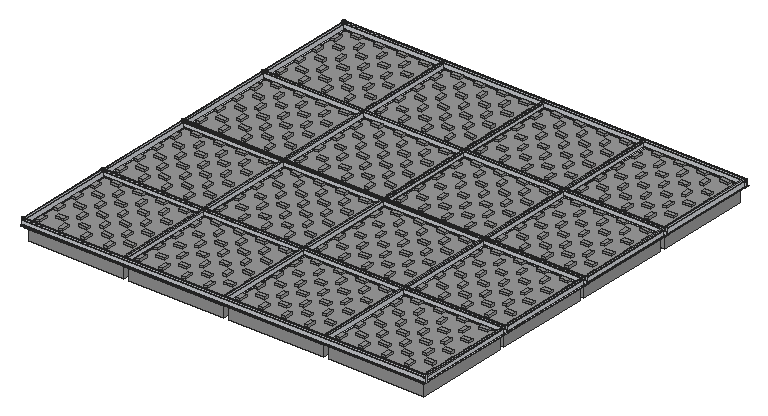
Revit family "GRD-FPG-011_RFA", category Modelos genéricos, Revit 2022 (continued)
Forms (in)
  Extrusion 234, solid, not visible
    sketch origin (0, 24, 0) x (0, 1, 0) y (0, 0, 1)
      loop
        arc (0.33294, 1.7291) -> (0.34005, 1.71194) -> (0.35722, 1.70483) r 0.02428
        line (0.35722, 1.70483) -> (0.39815, 1.70483)
        arc (0.39815, 1.70483) -> (0.42797, 1.69248) -> (0.44023, 1.66266) r 0.04217
        arc (0.44023, 1.66266) -> (0.45258, 1.69248) -> (0.4824, 1.70483) r 0.04217
        line (0.4824, 1.70483) -> (0.52333, 1.70483)
        arc (0.52333, 1.70483) -> (0.54049, 1.71194) -> (0.54761, 1.7291) r 0.02428
        line (0.54761, 1.7291) -> (0.54761, 2.15016) -> (0.45704, 2.24072)
        arc (0.45704, 2.24072) -> (0.44027, 2.24767) -> (0.42351, 2.24072) r 0.02371
        line (0.42351, 2.24072) -> (0.33294, 2.15016) -> (0.33294, 1.7291)
    from 0 to 96.9361
  Extrusion 235, solid, not visible
    sketch origin (0, 48, 0) x (0, 1, 0) y (0, 0, 1)
      loop
        line (0.42221, 1.66259) -> (0.42231, 0.67354)
        arc (0.42231, 0.67354) -> (0.41009, 0.64403) -> (0.38057, 0.6318) r 0.04174
        line (0.38057, 0.6318) -> (-0.00639, 0.6318) -> (-0.00639, 0.59057) -> (0.8874, 0.59057) -> (0.8874, 0.6318) -> (0.49998, 0.6318)
        arc (0.49998, 0.6318) -> (0.47046, 0.64403) -> (0.45824, 0.67354) r 0.04174
        line (0.45824, 0.67354) -> (0.45834, 1.66259)
        arc (0.45834, 1.66259) -> (0.46543, 1.67969) -> (0.48252, 1.68677) r 0.02418
        line (0.48252, 1.68677) -> (0.52252, 1.68677)
        arc (0.52252, 1.68677) -> (0.55303, 1.69941) -> (0.56566, 1.72991) r 0.04314
        line (0.56566, 1.72991) -> (0.56566, 2.14095)
        arc (0.56566, 2.14095) -> (0.5626, 2.15637) -> (0.55386, 2.16944) r 0.04029
        line (0.55386, 2.16944) -> (0.47053, 2.25277)
        arc (0.47053, 2.25277) -> (0.44027, 2.2653) -> (0.41002, 2.25277) r 0.04279
        line (0.41002, 2.25277) -> (0.32669, 2.16944)
        arc (0.32669, 2.16944) -> (0.31795, 2.15637) -> (0.31489, 2.14095) r 0.04029
        line (0.31489, 2.14095) -> (0.31489, 1.72991)
        arc (0.31489, 1.72991) -> (0.32752, 1.69941) -> (0.35803, 1.68677) r 0.04314
        line (0.35803, 1.68677) -> (0.39803, 1.68677)
        arc (0.39803, 1.68677) -> (0.41512, 1.67969) -> (0.42221, 1.66259) r 0.02418
      loop
        arc (0.33294, 1.7291) -> (0.34005, 1.71194) -> (0.35722, 1.70483) r 0.02428
        line (0.35722, 1.70483) -> (0.39815, 1.70483)
        arc (0.39815, 1.70483) -> (0.42797, 1.69248) -> (0.44023, 1.66266) r 0.04217
        arc (0.44023, 1.66266) -> (0.45258, 1.69248) -> (0.4824, 1.70483) r 0.04217
        line (0.4824, 1.70483) -> (0.52333, 1.70483)
        arc (0.52333, 1.70483) -> (0.54049, 1.71194) -> (0.54761, 1.7291) r 0.02428
        line (0.54761, 1.7291) -> (0.54761, 2.15016) -> (0.45704, 2.24072)
        arc (0.45704, 2.24072) -> (0.44027, 2.24767) -> (0.42351, 2.24072) r 0.02371
        line (0.42351, 2.24072) -> (0.33294, 2.15016) -> (0.33294, 1.7291)
    from 0 to 96.9361
  Extrusion 236, solid, not visible
    sketch origin (0, 72, 0) x (0, 1, 0) y (0, 0, 1)
      loop
        line (0.42221, 1.66259) -> (0.42231, 0.67354)
        arc (0.42231, 0.67354) -> (0.41009, 0.64403) -> (0.38057, 0.6318) r 0.04174
        line (0.38057, 0.6318) -> (-0.00639, 0.6318) -> (-0.00639, 0.59057) -> (0.8874, 0.59057) -> (0.8874, 0.6318) -> (0.49998, 0.6318)
        arc (0.49998, 0.6318) -> (0.47046, 0.64403) -> (0.45824, 0.67354) r 0.04174
        line (0.45824, 0.67354) -> (0.45834, 1.66259)
        arc (0.45834, 1.66259) -> (0.46543, 1.67969) -> (0.48252, 1.68677) r 0.02418
        line (0.48252, 1.68677) -> (0.52252, 1.68677)
        arc (0.52252, 1.68677) -> (0.55303, 1.69941) -> (0.56566, 1.72991) r 0.04314
        line (0.56566, 1.72991) -> (0.56566, 2.14095)
        arc (0.56566, 2.14095) -> (0.5626, 2.15637) -> (0.55386, 2.16944) r 0.04029
        line (0.55386, 2.16944) -> (0.47053, 2.25277)
        arc (0.47053, 2.25277) -> (0.44027, 2.2653) -> (0.41002, 2.25277) r 0.04279
        line (0.41002, 2.25277) -> (0.32669, 2.16944)
        arc (0.32669, 2.16944) -> (0.31795, 2.15637) -> (0.31489, 2.14095) r 0.04029
        line (0.31489, 2.14095) -> (0.31489, 1.72991)
        arc (0.31489, 1.72991) -> (0.32752, 1.69941) -> (0.35803, 1.68677) r 0.04314
        line (0.35803, 1.68677) -> (0.39803, 1.68677)
        arc (0.39803, 1.68677) -> (0.41512, 1.67969) -> (0.42221, 1.66259) r 0.02418
      loop
        arc (0.33294, 1.7291) -> (0.34005, 1.71194) -> (0.35722, 1.70483) r 0.02428
        line (0.35722, 1.70483) -> (0.39815, 1.70483)
        arc (0.39815, 1.70483) -> (0.42797, 1.69248) -> (0.44023, 1.66266) r 0.04217
        arc (0.44023, 1.66266) -> (0.45258, 1.69248) -> (0.4824, 1.70483) r 0.04217
        line (0.4824, 1.70483) -> (0.52333, 1.70483)
        arc (0.52333, 1.70483) -> (0.54049, 1.71194) -> (0.54761, 1.7291) r 0.02428
        line (0.54761, 1.7291) -> (0.54761, 2.15016) -> (0.45704, 2.24072)
        arc (0.45704, 2.24072) -> (0.44027, 2.24767) -> (0.42351, 2.24072) r 0.02371
        line (0.42351, 2.24072) -> (0.33294, 2.15016) -> (0.33294, 1.7291)
    from 0 to 96.9361
  Extrusion 237, solid, not visible
    sketch origin (0, 96, 0) x (0, 1, 0) y (0, 0, 1)
      loop
        line (0.42221, 1.66259) -> (0.42231, 0.67354)
        arc (0.42231, 0.67354) -> (0.41009, 0.64403) -> (0.38057, 0.6318) r 0.04174
        line (0.38057, 0.6318) -> (-0.00639, 0.6318) -> (-0.00639, 0.59057) -> (0.8874, 0.59057) -> (0.8874, 0.6318) -> (0.49998, 0.6318)
        arc (0.49998, 0.6318) -> (0.47046, 0.64403) -> (0.45824, 0.67354) r 0.04174
        line (0.45824, 0.67354) -> (0.45834, 1.66259)
        arc (0.45834, 1.66259) -> (0.46543, 1.67969) -> (0.48252, 1.68677) r 0.02418
        line (0.48252, 1.68677) -> (0.52252, 1.68677)
        arc (0.52252, 1.68677) -> (0.55303, 1.69941) -> (0.56566, 1.72991) r 0.04314
        line (0.56566, 1.72991) -> (0.56566, 2.14095)
        arc (0.56566, 2.14095) -> (0.5626, 2.15637) -> (0.55386, 2.16944) r 0.04029
        line (0.55386, 2.16944) -> (0.47053, 2.25277)
        arc (0.47053, 2.25277) -> (0.44027, 2.2653) -> (0.41002, 2.25277) r 0.04279
        line (0.41002, 2.25277) -> (0.32669, 2.16944)
        arc (0.32669, 2.16944) -> (0.31795, 2.15637) -> (0.31489, 2.14095) r 0.04029
        line (0.31489, 2.14095) -> (0.31489, 1.72991)
        arc (0.31489, 1.72991) -> (0.32752, 1.69941) -> (0.35803, 1.68677) r 0.04314
        line (0.35803, 1.68677) -> (0.39803, 1.68677)
        arc (0.39803, 1.68677) -> (0.41512, 1.67969) -> (0.42221, 1.66259) r 0.02418
      loop
        arc (0.33294, 1.7291) -> (0.34005, 1.71194) -> (0.35722, 1.70483) r 0.02428
        line (0.35722, 1.70483) -> (0.39815, 1.70483)
        arc (0.39815, 1.70483) -> (0.42797, 1.69248) -> (0.44023, 1.66266) r 0.04217
        arc (0.44023, 1.66266) -> (0.45258, 1.69248) -> (0.4824, 1.70483) r 0.04217
        line (0.4824, 1.70483) -> (0.52333, 1.70483)
        arc (0.52333, 1.70483) -> (0.54049, 1.71194) -> (0.54761, 1.7291) r 0.02428
        line (0.54761, 1.7291) -> (0.54761, 2.15016) -> (0.45704, 2.24072)
        arc (0.45704, 2.24072) -> (0.44027, 2.24767) -> (0.42351, 2.24072) r 0.02371
        line (0.42351, 2.24072) -> (0.33294, 2.15016) -> (0.33294, 1.7291)
    from 0 to 96.9361
  Extrusion 238, solid, not visible
    sketch origin (48.02754, 154.90856, 0) x (1, 0, 0) y (0, 0, 1)
      loop
        line (0.42221, 1.66259) -> (0.42231, 0.67354)
        arc (0.42231, 0.67354) -> (0.41009, 0.64403) -> (0.38057, 0.6318) r 0.04174
        line (0.38057, 0.6318) -> (-0.00639, 0.6318) -> (-0.00639, 0.59057) -> (0.8874, 0.59057) -> (0.8874, 0.6318) -> (0.49998, 0.6318)
        arc (0.49998, 0.6318) -> (0.47046, 0.64403) -> (0.45824, 0.67354) r 0.04174
        line (0.45824, 0.67354) -> (0.45834, 1.66259)
        arc (0.45834, 1.66259) -> (0.46543, 1.67969) -> (0.48252, 1.68677) r 0.02418
        line (0.48252, 1.68677) -> (0.52252, 1.68677)
        arc (0.52252, 1.68677) -> (0.55303, 1.69941) -> (0.56566, 1.72991) r 0.04314
        line (0.56566, 1.72991) -> (0.56566, 2.14095)
        arc (0.56566, 2.14095) -> (0.5626, 2.15637) -> (0.55386, 2.16944) r 0.04029
        line (0.55386, 2.16944) -> (0.47053, 2.25277)
        arc (0.47053, 2.25277) -> (0.44027, 2.2653) -> (0.41002, 2.25277) r 0.04279
        line (0.41002, 2.25277) -> (0.32669, 2.16944)
        arc (0.32669, 2.16944) -> (0.31795, 2.15637) -> (0.31489, 2.14095) r 0.04029
        line (0.31489, 2.14095) -> (0.31489, 1.72991)
        arc (0.31489, 1.72991) -> (0.32752, 1.69941) -> (0.35803, 1.68677) r 0.04314
        line (0.35803, 1.68677) -> (0.39803, 1.68677)
        arc (0.39803, 1.68677) -> (0.41512, 1.67969) -> (0.42221, 1.66259) r 0.02418
      loop
        arc (0.33294, 1.7291) -> (0.34005, 1.71194) -> (0.35722, 1.70483) r 0.02428
        line (0.35722, 1.70483) -> (0.39815, 1.70483)
        arc (0.39815, 1.70483) -> (0.42797, 1.69248) -> (0.44023, 1.66266) r 0.04217
        arc (0.44023, 1.66266) -> (0.45258, 1.69248) -> (0.4824, 1.70483) r 0.04217
        line (0.4824, 1.70483) -> (0.52333, 1.70483)
        arc (0.52333, 1.70483) -> (0.54049, 1.71194) -> (0.54761, 1.7291) r 0.02428
        line (0.54761, 1.7291) -> (0.54761, 2.15016) -> (0.45704, 2.24072)
        arc (0.45704, 2.24072) -> (0.44027, 2.24767) -> (0.42351, 2.24072) r 0.02371
        line (0.42351, 2.24072) -> (0.33294, 2.15016) -> (0.33294, 1.7291)
    from 58.93614 to 81.99864
  Extrusion 239, solid, not visible
    sketch origin (72.02767, 154.90856, 0) x (1, 0, 0) y (0, 0, 1)
      loop
        line (0.42221, 1.66259) -> (0.42231, 0.67354)
        arc (0.42231, 0.67354) -> (0.41009, 0.64403) -> (0.38057, 0.6318) r 0.04174
        line (0.38057, 0.6318) -> (-0.00639, 0.6318) -> (-0.00639, 0.59057) -> (0.8874, 0.59057) -> (0.8874, 0.6318) -> (0.49998, 0.6318)
        arc (0.49998, 0.6318) -> (0.47046, 0.64403) -> (0.45824, 0.67354) r 0.04174
        line (0.45824, 0.67354) -> (0.45834, 1.66259)
        arc (0.45834, 1.66259) -> (0.46543, 1.67969) -> (0.48252, 1.68677) r 0.02418
        line (0.48252, 1.68677) -> (0.52252, 1.68677)
        arc (0.52252, 1.68677) -> (0.55303, 1.69941) -> (0.56566, 1.72991) r 0.04314
        line (0.56566, 1.72991) -> (0.56566, 2.14095)
        arc (0.56566, 2.14095) -> (0.5626, 2.15637) -> (0.55386, 2.16944) r 0.04029
        line (0.55386, 2.16944) -> (0.47053, 2.25277)
        arc (0.47053, 2.25277) -> (0.44027, 2.2653) -> (0.41002, 2.25277) r 0.04279
        line (0.41002, 2.25277) -> (0.32669, 2.16944)
        arc (0.32669, 2.16944) -> (0.31795, 2.15637) -> (0.31489, 2.14095) r 0.04029
        line (0.31489, 2.14095) -> (0.31489, 1.72991)
        arc (0.31489, 1.72991) -> (0.32752, 1.69941) -> (0.35803, 1.68677) r 0.04314
        line (0.35803, 1.68677) -> (0.39803, 1.68677)
        arc (0.39803, 1.68677) -> (0.41512, 1.67969) -> (0.42221, 1.66259) r 0.02418
      loop
        arc (0.33294, 1.7291) -> (0.34005, 1.71194) -> (0.35722, 1.70483) r 0.02428
        line (0.35722, 1.70483) -> (0.39815, 1.70483)
        arc (0.39815, 1.70483) -> (0.42797, 1.69248) -> (0.44023, 1.66266) r 0.04217
        arc (0.44023, 1.66266) -> (0.45258, 1.69248) -> (0.4824, 1.70483) r 0.04217
        line (0.4824, 1.70483) -> (0.52333, 1.70483)
        arc (0.52333, 1.70483) -> (0.54049, 1.71194) -> (0.54761, 1.7291) r 0.02428
        line (0.54761, 1.7291) -> (0.54761, 2.15016) -> (0.45704, 2.24072)
        arc (0.45704, 2.24072) -> (0.44027, 2.24767) -> (0.42351, 2.24072) r 0.02371
        line (0.42351, 2.24072) -> (0.33294, 2.15016) -> (0.33294, 1.7291)
    from 58.93614 to 81.99864
  Extrusion 240, solid, not visible
    sketch origin (96.02767, 154.90856, 0) x (1, 0, 0) y (0, 0, 1)
      loop
        line (0.42221, 1.66259) -> (0.42231, 0.67354)
        arc (0.42231, 0.67354) -> (0.41009, 0.64403) -> (0.38057, 0.6318) r 0.04174
        line (0.38057, 0.6318) -> (-0.00639, 0.6318) -> (-0.00639, 0.59057) -> (0.8874, 0.59057) -> (0.8874, 0.6318) -> (0.49998, 0.6318)
        arc (0.49998, 0.6318) -> (0.47046, 0.64403) -> (0.45824, 0.67354) r 0.04174
        line (0.45824, 0.67354) -> (0.45834, 1.66259)
        arc (0.45834, 1.66259) -> (0.46543, 1.67969) -> (0.48252, 1.68677) r 0.02418
        line (0.48252, 1.68677) -> (0.52252, 1.68677)
        arc (0.52252, 1.68677) -> (0.55303, 1.69941) -> (0.56566, 1.72991) r 0.04314
        line (0.56566, 1.72991) -> (0.56566, 2.14095)
        arc (0.56566, 2.14095) -> (0.5626, 2.15637) -> (0.55386, 2.16944) r 0.04029
        line (0.55386, 2.16944) -> (0.47053, 2.25277)
        arc (0.47053, 2.25277) -> (0.44027, 2.2653) -> (0.41002, 2.25277) r 0.04279
        line (0.41002, 2.25277) -> (0.32669, 2.16944)
        arc (0.32669, 2.16944) -> (0.31795, 2.15637) -> (0.31489, 2.14095) r 0.04029
        line (0.31489, 2.14095) -> (0.31489, 1.72991)
        arc (0.31489, 1.72991) -> (0.32752, 1.69941) -> (0.35803, 1.68677) r 0.04314
        line (0.35803, 1.68677) -> (0.39803, 1.68677)
        arc (0.39803, 1.68677) -> (0.41512, 1.67969) -> (0.42221, 1.66259) r 0.02418
      loop
        arc (0.33294, 1.7291) -> (0.34005, 1.71194) -> (0.35722, 1.70483) r 0.02428
        line (0.35722, 1.70483) -> (0.39815, 1.70483)
        arc (0.39815, 1.70483) -> (0.42797, 1.69248) -> (0.44023, 1.66266) r 0.04217
        arc (0.44023, 1.66266) -> (0.45258, 1.69248) -> (0.4824, 1.70483) r 0.04217
        line (0.4824, 1.70483) -> (0.52333, 1.70483)
        arc (0.52333, 1.70483) -> (0.54049, 1.71194) -> (0.54761, 1.7291) r 0.02428
        line (0.54761, 1.7291) -> (0.54761, 2.15016) -> (0.45704, 2.24072)
        arc (0.45704, 2.24072) -> (0.44027, 2.24767) -> (0.42351, 2.24072) r 0.02371
        line (0.42351, 2.24072) -> (0.33294, 2.15016) -> (0.33294, 1.7291)
    from 58.93614 to 81.99864
  Extrusion 241, solid, not visible
    sketch origin (24.02767, 154.90856, 0) x (1, 0, 0) y (0, 0, 1)
      loop
        line (0.42221, 1.66259) -> (0.42231, 0.67354)
        arc (0.42231, 0.67354) -> (0.41009, 0.64403) -> (0.38057, 0.6318) r 0.04174
        line (0.38057, 0.6318) -> (-0.00639, 0.6318) -> (-0.00639, 0.59057) -> (0.8874, 0.59057) -> (0.8874, 0.6318) -> (0.49998, 0.6318)
        arc (0.49998, 0.6318) -> (0.47046, 0.64403) -> (0.45824, 0.67354) r 0.04174
        line (0.45824, 0.67354) -> (0.45834, 1.66259)
        arc (0.45834, 1.66259) -> (0.46543, 1.67969) -> (0.48252, 1.68677) r 0.02418
        line (0.48252, 1.68677) -> (0.52252, 1.68677)
        arc (0.52252, 1.68677) -> (0.55303, 1.69941) -> (0.56566, 1.72991) r 0.04314
        line (0.56566, 1.72991) -> (0.56566, 2.14095)
        arc (0.56566, 2.14095) -> (0.5626, 2.15637) -> (0.55386, 2.16944) r 0.04029
        line (0.55386, 2.16944) -> (0.47053, 2.25277)
        arc (0.47053, 2.25277) -> (0.44027, 2.2653) -> (0.41002, 2.25277) r 0.04279
        line (0.41002, 2.25277) -> (0.32669, 2.16944)
        arc (0.32669, 2.16944) -> (0.31795, 2.15637) -> (0.31489, 2.14095) r 0.04029
        line (0.31489, 2.14095) -> (0.31489, 1.72991)
        arc (0.31489, 1.72991) -> (0.32752, 1.69941) -> (0.35803, 1.68677) r 0.04314
        line (0.35803, 1.68677) -> (0.39803, 1.68677)
        arc (0.39803, 1.68677) -> (0.41512, 1.67969) -> (0.42221, 1.66259) r 0.02418
      loop
        arc (0.33294, 1.7291) -> (0.34005, 1.71194) -> (0.35722, 1.70483) r 0.02428
        line (0.35722, 1.70483) -> (0.39815, 1.70483)
        arc (0.39815, 1.70483) -> (0.42797, 1.69248) -> (0.44023, 1.66266) r 0.04217
        arc (0.44023, 1.66266) -> (0.45258, 1.69248) -> (0.4824, 1.70483) r 0.04217
        line (0.4824, 1.70483) -> (0.52333, 1.70483)
        arc (0.52333, 1.70483) -> (0.54049, 1.71194) -> (0.54761, 1.7291) r 0.02428
        line (0.54761, 1.7291) -> (0.54761, 2.15016) -> (0.45704, 2.24072)
        arc (0.45704, 2.24072) -> (0.44027, 2.24767) -> (0.42351, 2.24072) r 0.02371
        line (0.42351, 2.24072) -> (0.33294, 2.15016) -> (0.33294, 1.7291)
    from 58.93614 to 81.99864
  Extrusion 242, solid, not visible
    sketch origin (0.02767, 154.90856, 0) x (1, 0, 0) y (0, 0, 1)
      loop
        line (0.42221, 1.66259) -> (0.42231, 0.67354)
        arc (0.42231, 0.67354) -> (0.41009, 0.64403) -> (0.38057, 0.6318) r 0.04174
        line (0.38057, 0.6318) -> (-0.00639, 0.6318) -> (-0.00639, 0.59057) -> (0.8874, 0.59057) -> (0.8874, 0.6318) -> (0.49998, 0.6318)
        arc (0.49998, 0.6318) -> (0.47046, 0.64403) -> (0.45824, 0.67354) r 0.04174
        line (0.45824, 0.67354) -> (0.45834, 1.66259)
        arc (0.45834, 1.66259) -> (0.46543, 1.67969) -> (0.48252, 1.68677) r 0.02418
        line (0.48252, 1.68677) -> (0.52252, 1.68677)
        arc (0.52252, 1.68677) -> (0.55303, 1.69941) -> (0.56566, 1.72991) r 0.04314
        line (0.56566, 1.72991) -> (0.56566, 2.14095)
        arc (0.56566, 2.14095) -> (0.5626, 2.15637) -> (0.55386, 2.16944) r 0.04029
        line (0.55386, 2.16944) -> (0.47053, 2.25277)
        arc (0.47053, 2.25277) -> (0.44027, 2.2653) -> (0.41002, 2.25277) r 0.04279
        line (0.41002, 2.25277) -> (0.32669, 2.16944)
        arc (0.32669, 2.16944) -> (0.31795, 2.15637) -> (0.31489, 2.14095) r 0.04029
        line (0.31489, 2.14095) -> (0.31489, 1.72991)
        arc (0.31489, 1.72991) -> (0.32752, 1.69941) -> (0.35803, 1.68677) r 0.04314
        line (0.35803, 1.68677) -> (0.39803, 1.68677)
        arc (0.39803, 1.68677) -> (0.41512, 1.67969) -> (0.42221, 1.66259) r 0.02418
      loop
        arc (0.33294, 1.7291) -> (0.34005, 1.71194) -> (0.35722, 1.70483) r 0.02428
        line (0.35722, 1.70483) -> (0.39815, 1.70483)
        arc (0.39815, 1.70483) -> (0.42797, 1.69248) -> (0.44023, 1.66266) r 0.04217
        arc (0.44023, 1.66266) -> (0.45258, 1.69248) -> (0.4824, 1.70483) r 0.04217
        line (0.4824, 1.70483) -> (0.52333, 1.70483)
        arc (0.52333, 1.70483) -> (0.54049, 1.71194) -> (0.54761, 1.7291) r 0.02428
        line (0.54761, 1.7291) -> (0.54761, 2.15016) -> (0.45704, 2.24072)
        arc (0.45704, 2.24072) -> (0.44027, 2.24767) -> (0.42351, 2.24072) r 0.02371
        line (0.42351, 2.24072) -> (0.33294, 2.15016) -> (0.33294, 1.7291)
    from 58.93614 to 81.99864
  Extrusion 243, solid, not visible
    sketch origin (48.02754, 130.90855, 0) x (1, 0, 0) y (0, 0, 1)
      loop
        line (0.42221, 1.66259) -> (0.42231, 0.67354)
        arc (0.42231, 0.67354) -> (0.41009, 0.64403) -> (0.38057, 0.6318) r 0.04174
        line (0.38057, 0.6318) -> (-0.00639, 0.6318) -> (-0.00639, 0.59057) -> (0.8874, 0.59057) -> (0.8874, 0.6318) -> (0.49998, 0.6318)
        arc (0.49998, 0.6318) -> (0.47046, 0.64403) -> (0.45824, 0.67354) r 0.04174
        line (0.45824, 0.67354) -> (0.45834, 1.66259)
        arc (0.45834, 1.66259) -> (0.46543, 1.67969) -> (0.48252, 1.68677) r 0.02418
        line (0.48252, 1.68677) -> (0.52252, 1.68677)
        arc (0.52252, 1.68677) -> (0.55303, 1.69941) -> (0.56566, 1.72991) r 0.04314
        line (0.56566, 1.72991) -> (0.56566, 2.14095)
        arc (0.56566, 2.14095) -> (0.5626, 2.15637) -> (0.55386, 2.16944) r 0.04029
        line (0.55386, 2.16944) -> (0.47053, 2.25277)
        arc (0.47053, 2.25277) -> (0.44027, 2.2653) -> (0.41002, 2.25277) r 0.04279
        line (0.41002, 2.25277) -> (0.32669, 2.16944)
        arc (0.32669, 2.16944) -> (0.31795, 2.15637) -> (0.31489, 2.14095) r 0.04029
        line (0.31489, 2.14095) -> (0.31489, 1.72991)
        arc (0.31489, 1.72991) -> (0.32752, 1.69941) -> (0.35803, 1.68677) r 0.04314
        line (0.35803, 1.68677) -> (0.39803, 1.68677)
        arc (0.39803, 1.68677) -> (0.41512, 1.67969) -> (0.42221, 1.66259) r 0.02418
      loop
        arc (0.33294, 1.7291) -> (0.34005, 1.71194) -> (0.35722, 1.70483) r 0.02428
        line (0.35722, 1.70483) -> (0.39815, 1.70483)
        arc (0.39815, 1.70483) -> (0.42797, 1.69248) -> (0.44023, 1.66266) r 0.04217
        arc (0.44023, 1.66266) -> (0.45258, 1.69248) -> (0.4824, 1.70483) r 0.04217
        line (0.4824, 1.70483) -> (0.52333, 1.70483)
        arc (0.52333, 1.70483) -> (0.54049, 1.71194) -> (0.54761, 1.7291) r 0.02428
        line (0.54761, 1.7291) -> (0.54761, 2.15016) -> (0.45704, 2.24072)
        arc (0.45704, 2.24072) -> (0.44027, 2.24767) -> (0.42351, 2.24072) r 0.02371
        line (0.42351, 2.24072) -> (0.33294, 2.15016) -> (0.33294, 1.7291)
    from 58.93614 to 81.99864
  Extrusion 244, solid, not visible
    sketch origin (72.02767, 130.90855, 0) x (1, 0, 0) y (0, 0, 1)
      loop
        line (0.42221, 1.66259) -> (0.42231, 0.67354)
        arc (0.42231, 0.67354) -> (0.41009, 0.64403) -> (0.38057, 0.6318) r 0.04174
        line (0.38057, 0.6318) -> (-0.00639, 0.6318) -> (-0.00639, 0.59057) -> (0.8874, 0.59057) -> (0.8874, 0.6318) -> (0.49998, 0.6318)
        arc (0.49998, 0.6318) -> (0.47046, 0.64403) -> (0.45824, 0.67354) r 0.04174
        line (0.45824, 0.67354) -> (0.45834, 1.66259)
        arc (0.45834, 1.66259) -> (0.46543, 1.67969) -> (0.48252, 1.68677) r 0.02418
        line (0.48252, 1.68677) -> (0.52252, 1.68677)
        arc (0.52252, 1.68677) -> (0.55303, 1.69941) -> (0.56566, 1.72991) r 0.04314
        line (0.56566, 1.72991) -> (0.56566, 2.14095)
        arc (0.56566, 2.14095) -> (0.5626, 2.15637) -> (0.55386, 2.16944) r 0.04029
        line (0.55386, 2.16944) -> (0.47053, 2.25277)
        arc (0.47053, 2.25277) -> (0.44027, 2.2653) -> (0.41002, 2.25277) r 0.04279
        line (0.41002, 2.25277) -> (0.32669, 2.16944)
        arc (0.32669, 2.16944) -> (0.31795, 2.15637) -> (0.31489, 2.14095) r 0.04029
        line (0.31489, 2.14095) -> (0.31489, 1.72991)
        arc (0.31489, 1.72991) -> (0.32752, 1.69941) -> (0.35803, 1.68677) r 0.04314
        line (0.35803, 1.68677) -> (0.39803, 1.68677)
        arc (0.39803, 1.68677) -> (0.41512, 1.67969) -> (0.42221, 1.66259) r 0.02418
      loop
        arc (0.33294, 1.7291) -> (0.34005, 1.71194) -> (0.35722, 1.70483) r 0.02428
        line (0.35722, 1.70483) -> (0.39815, 1.70483)
        arc (0.39815, 1.70483) -> (0.42797, 1.69248) -> (0.44023, 1.66266) r 0.04217
        arc (0.44023, 1.66266) -> (0.45258, 1.69248) -> (0.4824, 1.70483) r 0.04217
        line (0.4824, 1.70483) -> (0.52333, 1.70483)
        arc (0.52333, 1.70483) -> (0.54049, 1.71194) -> (0.54761, 1.7291) r 0.02428
        line (0.54761, 1.7291) -> (0.54761, 2.15016) -> (0.45704, 2.24072)
        arc (0.45704, 2.24072) -> (0.44027, 2.24767) -> (0.42351, 2.24072) r 0.02371
        line (0.42351, 2.24072) -> (0.33294, 2.15016) -> (0.33294, 1.7291)
    from 58.93614 to 81.99864
  Extrusion 245, solid, not visible
    sketch origin (96.02767, 130.90855, 0) x (1, 0, 0) y (0, 0, 1)
      loop
        line (0.42221, 1.66259) -> (0.42231, 0.67354)
        arc (0.42231, 0.67354) -> (0.41009, 0.64403) -> (0.38057, 0.6318) r 0.04174
        line (0.38057, 0.6318) -> (-0.00639, 0.6318) -> (-0.00639, 0.59057) -> (0.8874, 0.59057) -> (0.8874, 0.6318) -> (0.49998, 0.6318)
        arc (0.49998, 0.6318) -> (0.47046, 0.64403) -> (0.45824, 0.67354) r 0.04174
        line (0.45824, 0.67354) -> (0.45834, 1.66259)
        arc (0.45834, 1.66259) -> (0.46543, 1.67969) -> (0.48252, 1.68677) r 0.02418
        line (0.48252, 1.68677) -> (0.52252, 1.68677)
        arc (0.52252, 1.68677) -> (0.55303, 1.69941) -> (0.56566, 1.72991) r 0.04314
        line (0.56566, 1.72991) -> (0.56566, 2.14095)
        arc (0.56566, 2.14095) -> (0.5626, 2.15637) -> (0.55386, 2.16944) r 0.04029
        line (0.55386, 2.16944) -> (0.47053, 2.25277)
        arc (0.47053, 2.25277) -> (0.44027, 2.2653) -> (0.41002, 2.25277) r 0.04279
        line (0.41002, 2.25277) -> (0.32669, 2.16944)
        arc (0.32669, 2.16944) -> (0.31795, 2.15637) -> (0.31489, 2.14095) r 0.04029
        line (0.31489, 2.14095) -> (0.31489, 1.72991)
        arc (0.31489, 1.72991) -> (0.32752, 1.69941) -> (0.35803, 1.68677) r 0.04314
        line (0.35803, 1.68677) -> (0.39803, 1.68677)
        arc (0.39803, 1.68677) -> (0.41512, 1.67969) -> (0.42221, 1.66259) r 0.02418
      loop
        arc (0.33294, 1.7291) -> (0.34005, 1.71194) -> (0.35722, 1.70483) r 0.02428
        line (0.35722, 1.70483) -> (0.39815, 1.70483)
        arc (0.39815, 1.70483) -> (0.42797, 1.69248) -> (0.44023, 1.66266) r 0.04217
        arc (0.44023, 1.66266) -> (0.45258, 1.69248) -> (0.4824, 1.70483) r 0.04217
        line (0.4824, 1.70483) -> (0.52333, 1.70483)
        arc (0.52333, 1.70483) -> (0.54049, 1.71194) -> (0.54761, 1.7291) r 0.02428
        line (0.54761, 1.7291) -> (0.54761, 2.15016) -> (0.45704, 2.24072)
        arc (0.45704, 2.24072) -> (0.44027, 2.24767) -> (0.42351, 2.24072) r 0.02371
        line (0.42351, 2.24072) -> (0.33294, 2.15016) -> (0.33294, 1.7291)
    from 58.93614 to 81.99864
  Extrusion 246, solid, not visible
    sketch origin (24.02767, 130.90855, 0) x (1, 0, 0) y (0, 0, 1)
      loop
        line (0.42221, 1.66259) -> (0.42231, 0.67354)
        arc (0.42231, 0.67354) -> (0.41009, 0.64403) -> (0.38057, 0.6318) r 0.04174
        line (0.38057, 0.6318) -> (-0.00639, 0.6318) -> (-0.00639, 0.59057) -> (0.8874, 0.59057) -> (0.8874, 0.6318) -> (0.49998, 0.6318)
        arc (0.49998, 0.6318) -> (0.47046, 0.64403) -> (0.45824, 0.67354) r 0.04174
        line (0.45824, 0.67354) -> (0.45834, 1.66259)
        arc (0.45834, 1.66259) -> (0.46543, 1.67969) -> (0.48252, 1.68677) r 0.02418
        line (0.48252, 1.68677) -> (0.52252, 1.68677)
        arc (0.52252, 1.68677) -> (0.55303, 1.69941) -> (0.56566, 1.72991) r 0.04314
        line (0.56566, 1.72991) -> (0.56566, 2.14095)
        arc (0.56566, 2.14095) -> (0.5626, 2.15637) -> (0.55386, 2.16944) r 0.04029
        line (0.55386, 2.16944) -> (0.47053, 2.25277)
        arc (0.47053, 2.25277) -> (0.44027, 2.2653) -> (0.41002, 2.25277) r 0.04279
        line (0.41002, 2.25277) -> (0.32669, 2.16944)
        arc (0.32669, 2.16944) -> (0.31795, 2.15637) -> (0.31489, 2.14095) r 0.04029
        line (0.31489, 2.14095) -> (0.31489, 1.72991)
        arc (0.31489, 1.72991) -> (0.32752, 1.69941) -> (0.35803, 1.68677) r 0.04314
        line (0.35803, 1.68677) -> (0.39803, 1.68677)
        arc (0.39803, 1.68677) -> (0.41512, 1.67969) -> (0.42221, 1.66259) r 0.02418
      loop
        arc (0.33294, 1.7291) -> (0.34005, 1.71194) -> (0.35722, 1.70483) r 0.02428
        line (0.35722, 1.70483) -> (0.39815, 1.70483)
        arc (0.39815, 1.70483) -> (0.42797, 1.69248) -> (0.44023, 1.66266) r 0.04217
        arc (0.44023, 1.66266) -> (0.45258, 1.69248) -> (0.4824, 1.70483) r 0.04217
        line (0.4824, 1.70483) -> (0.52333, 1.70483)
        arc (0.52333, 1.70483) -> (0.54049, 1.71194) -> (0.54761, 1.7291) r 0.02428
        line (0.54761, 1.7291) -> (0.54761, 2.15016) -> (0.45704, 2.24072)
        arc (0.45704, 2.24072) -> (0.44027, 2.24767) -> (0.42351, 2.24072) r 0.02371
        line (0.42351, 2.24072) -> (0.33294, 2.15016) -> (0.33294, 1.7291)
    from 58.93614 to 81.99864
  Extrusion 247, solid, not visible
    sketch origin (0.02767, 130.90855, 0) x (1, 0, 0) y (0, 0, 1)
      loop
        line (0.42221, 1.66259) -> (0.42231, 0.67354)
        arc (0.42231, 0.67354) -> (0.41009, 0.64403) -> (0.38057, 0.6318) r 0.04174
        line (0.38057, 0.6318) -> (-0.00639, 0.6318) -> (-0.00639, 0.59057) -> (0.8874, 0.59057) -> (0.8874, 0.6318) -> (0.49998, 0.6318)
        arc (0.49998, 0.6318) -> (0.47046, 0.64403) -> (0.45824, 0.67354) r 0.04174
        line (0.45824, 0.67354) -> (0.45834, 1.66259)
        arc (0.45834, 1.66259) -> (0.46543, 1.67969) -> (0.48252, 1.68677) r 0.02418
        line (0.48252, 1.68677) -> (0.52252, 1.68677)
        arc (0.52252, 1.68677) -> (0.55303, 1.69941) -> (0.56566, 1.72991) r 0.04314
        line (0.56566, 1.72991) -> (0.56566, 2.14095)
        arc (0.56566, 2.14095) -> (0.5626, 2.15637) -> (0.55386, 2.16944) r 0.04029
        line (0.55386, 2.16944) -> (0.47053, 2.25277)
        arc (0.47053, 2.25277) -> (0.44027, 2.2653) -> (0.41002, 2.25277) r 0.04279
        line (0.41002, 2.25277) -> (0.32669, 2.16944)
        arc (0.32669, 2.16944) -> (0.31795, 2.15637) -> (0.31489, 2.14095) r 0.04029
        line (0.31489, 2.14095) -> (0.31489, 1.72991)
        arc (0.31489, 1.72991) -> (0.32752, 1.69941) -> (0.35803, 1.68677) r 0.04314
        line (0.35803, 1.68677) -> (0.39803, 1.68677)
        arc (0.39803, 1.68677) -> (0.41512, 1.67969) -> (0.42221, 1.66259) r 0.02418
      loop
        arc (0.33294, 1.7291) -> (0.34005, 1.71194) -> (0.35722, 1.70483) r 0.02428
        line (0.35722, 1.70483) -> (0.39815, 1.70483)
        arc (0.39815, 1.70483) -> (0.42797, 1.69248) -> (0.44023, 1.66266) r 0.04217
        arc (0.44023, 1.66266) -> (0.45258, 1.69248) -> (0.4824, 1.70483) r 0.04217
        line (0.4824, 1.70483) -> (0.52333, 1.70483)
        arc (0.52333, 1.70483) -> (0.54049, 1.71194) -> (0.54761, 1.7291) r 0.02428
        line (0.54761, 1.7291) -> (0.54761, 2.15016) -> (0.45704, 2.24072)
        arc (0.45704, 2.24072) -> (0.44027, 2.24767) -> (0.42351, 2.24072) r 0.02371
        line (0.42351, 2.24072) -> (0.33294, 2.15016) -> (0.33294, 1.7291)
    from 58.93614 to 81.99864
  Extrusion 248, solid, not visible
    sketch origin (48.02754, 106.90856, 0) x (1, 0, 0) y (0, 0, 1)
      loop
        line (0.42221, 1.66259) -> (0.42231, 0.67354)
        arc (0.42231, 0.67354) -> (0.41009, 0.64403) -> (0.38057, 0.6318) r 0.04174
        line (0.38057, 0.6318) -> (-0.00639, 0.6318) -> (-0.00639, 0.59057) -> (0.8874, 0.59057) -> (0.8874, 0.6318) -> (0.49998, 0.6318)
        arc (0.49998, 0.6318) -> (0.47046, 0.64403) -> (0.45824, 0.67354) r 0.04174
        line (0.45824, 0.67354) -> (0.45834, 1.66259)
        arc (0.45834, 1.66259) -> (0.46543, 1.67969) -> (0.48252, 1.68677) r 0.02418
        line (0.48252, 1.68677) -> (0.52252, 1.68677)
        arc (0.52252, 1.68677) -> (0.55303, 1.69941) -> (0.56566, 1.72991) r 0.04314
        line (0.56566, 1.72991) -> (0.56566, 2.14095)
        arc (0.56566, 2.14095) -> (0.5626, 2.15637) -> (0.55386, 2.16944) r 0.04029
        line (0.55386, 2.16944) -> (0.47053, 2.25277)
        arc (0.47053, 2.25277) -> (0.44027, 2.2653) -> (0.41002, 2.25277) r 0.04279
        line (0.41002, 2.25277) -> (0.32669, 2.16944)
        arc (0.32669, 2.16944) -> (0.31795, 2.15637) -> (0.31489, 2.14095) r 0.04029
        line (0.31489, 2.14095) -> (0.31489, 1.72991)
        arc (0.31489, 1.72991) -> (0.32752, 1.69941) -> (0.35803, 1.68677) r 0.04314
        line (0.35803, 1.68677) -> (0.39803, 1.68677)
        arc (0.39803, 1.68677) -> (0.41512, 1.67969) -> (0.42221, 1.66259) r 0.02418
      loop
        arc (0.33294, 1.7291) -> (0.34005, 1.71194) -> (0.35722, 1.70483) r 0.02428
        line (0.35722, 1.70483) -> (0.39815, 1.70483)
        arc (0.39815, 1.70483) -> (0.42797, 1.69248) -> (0.44023, 1.66266) r 0.04217
        arc (0.44023, 1.66266) -> (0.45258, 1.69248) -> (0.4824, 1.70483) r 0.04217
        line (0.4824, 1.70483) -> (0.52333, 1.70483)
        arc (0.52333, 1.70483) -> (0.54049, 1.71194) -> (0.54761, 1.7291) r 0.02428
        line (0.54761, 1.7291) -> (0.54761, 2.15016) -> (0.45704, 2.24072)
        arc (0.45704, 2.24072) -> (0.44027, 2.24767) -> (0.42351, 2.24072) r 0.02371
        line (0.42351, 2.24072) -> (0.33294, 2.15016) -> (0.33294, 1.7291)
    from 58.93614 to 81.99864
  Extrusion 249, solid, not visible
    sketch origin (72.02767, 106.90856, 0) x (1, 0, 0) y (0, 0, 1)
      loop
        line (0.42221, 1.66259) -> (0.42231, 0.67354)
        arc (0.42231, 0.67354) -> (0.41009, 0.64403) -> (0.38057, 0.6318) r 0.04174
        line (0.38057, 0.6318) -> (-0.00639, 0.6318) -> (-0.00639, 0.59057) -> (0.8874, 0.59057) -> (0.8874, 0.6318) -> (0.49998, 0.6318)
        arc (0.49998, 0.6318) -> (0.47046, 0.64403) -> (0.45824, 0.67354) r 0.04174
        line (0.45824, 0.67354) -> (0.45834, 1.66259)
        arc (0.45834, 1.66259) -> (0.46543, 1.67969) -> (0.48252, 1.68677) r 0.02418
        line (0.48252, 1.68677) -> (0.52252, 1.68677)
        arc (0.52252, 1.68677) -> (0.55303, 1.69941) -> (0.56566, 1.72991) r 0.04314
        line (0.56566, 1.72991) -> (0.56566, 2.14095)
        arc (0.56566, 2.14095) -> (0.5626, 2.15637) -> (0.55386, 2.16944) r 0.04029
        line (0.55386, 2.16944) -> (0.47053, 2.25277)
        arc (0.47053, 2.25277) -> (0.44027, 2.2653) -> (0.41002, 2.25277) r 0.04279
        line (0.41002, 2.25277) -> (0.32669, 2.16944)
        arc (0.32669, 2.16944) -> (0.31795, 2.15637) -> (0.31489, 2.14095) r 0.04029
        line (0.31489, 2.14095) -> (0.31489, 1.72991)
        arc (0.31489, 1.72991) -> (0.32752, 1.69941) -> (0.35803, 1.68677) r 0.04314
        line (0.35803, 1.68677) -> (0.39803, 1.68677)
        arc (0.39803, 1.68677) -> (0.41512, 1.67969) -> (0.42221, 1.66259) r 0.02418
      loop
        arc (0.33294, 1.7291) -> (0.34005, 1.71194) -> (0.35722, 1.70483) r 0.02428
        line (0.35722, 1.70483) -> (0.39815, 1.70483)
        arc (0.39815, 1.70483) -> (0.42797, 1.69248) -> (0.44023, 1.66266) r 0.04217
        arc (0.44023, 1.66266) -> (0.45258, 1.69248) -> (0.4824, 1.70483) r 0.04217
        line (0.4824, 1.70483) -> (0.52333, 1.70483)
        arc (0.52333, 1.70483) -> (0.54049, 1.71194) -> (0.54761, 1.7291) r 0.02428
        line (0.54761, 1.7291) -> (0.54761, 2.15016) -> (0.45704, 2.24072)
        arc (0.45704, 2.24072) -> (0.44027, 2.24767) -> (0.42351, 2.24072) r 0.02371
        line (0.42351, 2.24072) -> (0.33294, 2.15016) -> (0.33294, 1.7291)
    from 58.93614 to 81.99864
  Extrusion 250, solid, not visible
    sketch origin (96.02767, 106.90856, 0) x (1, 0, 0) y (0, 0, 1)
      loop
        line (0.42221, 1.66259) -> (0.42231, 0.67354)
        arc (0.42231, 0.67354) -> (0.41009, 0.64403) -> (0.38057, 0.6318) r 0.04174
        line (0.38057, 0.6318) -> (-0.00639, 0.6318) -> (-0.00639, 0.59057) -> (0.8874, 0.59057) -> (0.8874, 0.6318) -> (0.49998, 0.6318)
        arc (0.49998, 0.6318) -> (0.47046, 0.64403) -> (0.45824, 0.67354) r 0.04174
        line (0.45824, 0.67354) -> (0.45834, 1.66259)
        arc (0.45834, 1.66259) -> (0.46543, 1.67969) -> (0.48252, 1.68677) r 0.02418
        line (0.48252, 1.68677) -> (0.52252, 1.68677)
        arc (0.52252, 1.68677) -> (0.55303, 1.69941) -> (0.56566, 1.72991) r 0.04314
        line (0.56566, 1.72991) -> (0.56566, 2.14095)
        arc (0.56566, 2.14095) -> (0.5626, 2.15637) -> (0.55386, 2.16944) r 0.04029
        line (0.55386, 2.16944) -> (0.47053, 2.25277)
        arc (0.47053, 2.25277) -> (0.44027, 2.2653) -> (0.41002, 2.25277) r 0.04279
        line (0.41002, 2.25277) -> (0.32669, 2.16944)
        arc (0.32669, 2.16944) -> (0.31795, 2.15637) -> (0.31489, 2.14095) r 0.04029
        line (0.31489, 2.14095) -> (0.31489, 1.72991)
        arc (0.31489, 1.72991) -> (0.32752, 1.69941) -> (0.35803, 1.68677) r 0.04314
        line (0.35803, 1.68677) -> (0.39803, 1.68677)
        arc (0.39803, 1.68677) -> (0.41512, 1.67969) -> (0.42221, 1.66259) r 0.02418
      loop
        arc (0.33294, 1.7291) -> (0.34005, 1.71194) -> (0.35722, 1.70483) r 0.02428
        line (0.35722, 1.70483) -> (0.39815, 1.70483)
        arc (0.39815, 1.70483) -> (0.42797, 1.69248) -> (0.44023, 1.66266) r 0.04217
        arc (0.44023, 1.66266) -> (0.45258, 1.69248) -> (0.4824, 1.70483) r 0.04217
        line (0.4824, 1.70483) -> (0.52333, 1.70483)
        arc (0.52333, 1.70483) -> (0.54049, 1.71194) -> (0.54761, 1.7291) r 0.02428
        line (0.54761, 1.7291) -> (0.54761, 2.15016) -> (0.45704, 2.24072)
        arc (0.45704, 2.24072) -> (0.44027, 2.24767) -> (0.42351, 2.24072) r 0.02371
        line (0.42351, 2.24072) -> (0.33294, 2.15016) -> (0.33294, 1.7291)
    from 58.93614 to 81.99864
  Extrusion 251, solid, not visible
    sketch origin (24.02767, 106.90856, 0) x (1, 0, 0) y (0, 0, 1)
      loop
        line (0.42221, 1.66259) -> (0.42231, 0.67354)
        arc (0.42231, 0.67354) -> (0.41009, 0.64403) -> (0.38057, 0.6318) r 0.04174
        line (0.38057, 0.6318) -> (-0.00639, 0.6318) -> (-0.00639, 0.59057) -> (0.8874, 0.59057) -> (0.8874, 0.6318) -> (0.49998, 0.6318)
        arc (0.49998, 0.6318) -> (0.47046, 0.64403) -> (0.45824, 0.67354) r 0.04174
        line (0.45824, 0.67354) -> (0.45834, 1.66259)
        arc (0.45834, 1.66259) -> (0.46543, 1.67969) -> (0.48252, 1.68677) r 0.02418
        line (0.48252, 1.68677) -> (0.52252, 1.68677)
        arc (0.52252, 1.68677) -> (0.55303, 1.69941) -> (0.56566, 1.72991) r 0.04314
        line (0.56566, 1.72991) -> (0.56566, 2.14095)
        arc (0.56566, 2.14095) -> (0.5626, 2.15637) -> (0.55386, 2.16944) r 0.04029
        line (0.55386, 2.16944) -> (0.47053, 2.25277)
        arc (0.47053, 2.25277) -> (0.44027, 2.2653) -> (0.41002, 2.25277) r 0.04279
        line (0.41002, 2.25277) -> (0.32669, 2.16944)
        arc (0.32669, 2.16944) -> (0.31795, 2.15637) -> (0.31489, 2.14095) r 0.04029
        line (0.31489, 2.14095) -> (0.31489, 1.72991)
        arc (0.31489, 1.72991) -> (0.32752, 1.69941) -> (0.35803, 1.68677) r 0.04314
        line (0.35803, 1.68677) -> (0.39803, 1.68677)
        arc (0.39803, 1.68677) -> (0.41512, 1.67969) -> (0.42221, 1.66259) r 0.02418
      loop
        arc (0.33294, 1.7291) -> (0.34005, 1.71194) -> (0.35722, 1.70483) r 0.02428
        line (0.35722, 1.70483) -> (0.39815, 1.70483)
        arc (0.39815, 1.70483) -> (0.42797, 1.69248) -> (0.44023, 1.66266) r 0.04217
        arc (0.44023, 1.66266) -> (0.45258, 1.69248) -> (0.4824, 1.70483) r 0.04217
        line (0.4824, 1.70483) -> (0.52333, 1.70483)
        arc (0.52333, 1.70483) -> (0.54049, 1.71194) -> (0.54761, 1.7291) r 0.02428
        line (0.54761, 1.7291) -> (0.54761, 2.15016) -> (0.45704, 2.24072)
        arc (0.45704, 2.24072) -> (0.44027, 2.24767) -> (0.42351, 2.24072) r 0.02371
        line (0.42351, 2.24072) -> (0.33294, 2.15016) -> (0.33294, 1.7291)
    from 58.93614 to 81.99864
  Extrusion 252, solid, not visible
    sketch origin (0.02767, 106.90856, 0) x (1, 0, 0) y (0, 0, 1)
      loop
        line (0.42221, 1.66259) -> (0.42231, 0.67354)
        arc (0.42231, 0.67354) -> (0.41009, 0.64403) -> (0.38057, 0.6318) r 0.04174
        line (0.38057, 0.6318) -> (-0.00639, 0.6318) -> (-0.00639, 0.59057) -> (0.8874, 0.59057) -> (0.8874, 0.6318) -> (0.49998, 0.6318)
        arc (0.49998, 0.6318) -> (0.47046, 0.64403) -> (0.45824, 0.67354) r 0.04174
        line (0.45824, 0.67354) -> (0.45834, 1.66259)
        arc (0.45834, 1.66259) -> (0.46543, 1.67969) -> (0.48252, 1.68677) r 0.02418
        line (0.48252, 1.68677) -> (0.52252, 1.68677)
        arc (0.52252, 1.68677) -> (0.55303, 1.69941) -> (0.56566, 1.72991) r 0.04314
        line (0.56566, 1.72991) -> (0.56566, 2.14095)
        arc (0.56566, 2.14095) -> (0.5626, 2.15637) -> (0.55386, 2.16944) r 0.04029
        line (0.55386, 2.16944) -> (0.47053, 2.25277)
        arc (0.47053, 2.25277) -> (0.44027, 2.2653) -> (0.41002, 2.25277) r 0.04279
        line (0.41002, 2.25277) -> (0.32669, 2.16944)
        arc (0.32669, 2.16944) -> (0.31795, 2.15637) -> (0.31489, 2.14095) r 0.04029
        line (0.31489, 2.14095) -> (0.31489, 1.72991)
        arc (0.31489, 1.72991) -> (0.32752, 1.69941) -> (0.35803, 1.68677) r 0.04314
        line (0.35803, 1.68677) -> (0.39803, 1.68677)
        arc (0.39803, 1.68677) -> (0.41512, 1.67969) -> (0.42221, 1.66259) r 0.02418
      loop
        arc (0.33294, 1.7291) -> (0.34005, 1.71194) -> (0.35722, 1.70483) r 0.02428
        line (0.35722, 1.70483) -> (0.39815, 1.70483)
        arc (0.39815, 1.70483) -> (0.42797, 1.69248) -> (0.44023, 1.66266) r 0.04217
        arc (0.44023, 1.66266) -> (0.45258, 1.69248) -> (0.4824, 1.70483) r 0.04217
        line (0.4824, 1.70483) -> (0.52333, 1.70483)
        arc (0.52333, 1.70483) -> (0.54049, 1.71194) -> (0.54761, 1.7291) r 0.02428
        line (0.54761, 1.7291) -> (0.54761, 2.15016) -> (0.45704, 2.24072)
        arc (0.45704, 2.24072) -> (0.44027, 2.24767) -> (0.42351, 2.24072) r 0.02371
        line (0.42351, 2.24072) -> (0.33294, 2.15016) -> (0.33294, 1.7291)
    from 58.93614 to 81.99864
  Extrusion 253, solid, not visible
    sketch origin (48.02754, 82.90856, 0) x (1, 0, 0) y (0, 0, 1)
      loop
        line (0.42221, 1.66259) -> (0.42231, 0.67354)
        arc (0.42231, 0.67354) -> (0.41009, 0.64403) -> (0.38057, 0.6318) r 0.04174
        line (0.38057, 0.6318) -> (-0.00639, 0.6318) -> (-0.00639, 0.59057) -> (0.8874, 0.59057) -> (0.8874, 0.6318) -> (0.49998, 0.6318)
        arc (0.49998, 0.6318) -> (0.47046, 0.64403) -> (0.45824, 0.67354) r 0.04174
        line (0.45824, 0.67354) -> (0.45834, 1.66259)
        arc (0.45834, 1.66259) -> (0.46543, 1.67969) -> (0.48252, 1.68677) r 0.02418
        line (0.48252, 1.68677) -> (0.52252, 1.68677)
        arc (0.52252, 1.68677) -> (0.55303, 1.69941) -> (0.56566, 1.72991) r 0.04314
        line (0.56566, 1.72991) -> (0.56566, 2.14095)
        arc (0.56566, 2.14095) -> (0.5626, 2.15637) -> (0.55386, 2.16944) r 0.04029
        line (0.55386, 2.16944) -> (0.47053, 2.25277)
        arc (0.47053, 2.25277) -> (0.44027, 2.2653) -> (0.41002, 2.25277) r 0.04279
        line (0.41002, 2.25277) -> (0.32669, 2.16944)
        arc (0.32669, 2.16944) -> (0.31795, 2.15637) -> (0.31489, 2.14095) r 0.04029
        line (0.31489, 2.14095) -> (0.31489, 1.72991)
        arc (0.31489, 1.72991) -> (0.32752, 1.69941) -> (0.35803, 1.68677) r 0.04314
        line (0.35803, 1.68677) -> (0.39803, 1.68677)
        arc (0.39803, 1.68677) -> (0.41512, 1.67969) -> (0.42221, 1.66259) r 0.02418
      loop
        arc (0.33294, 1.7291) -> (0.34005, 1.71194) -> (0.35722, 1.70483) r 0.02428
        line (0.35722, 1.70483) -> (0.39815, 1.70483)
        arc (0.39815, 1.70483) -> (0.42797, 1.69248) -> (0.44023, 1.66266) r 0.04217
        arc (0.44023, 1.66266) -> (0.45258, 1.69248) -> (0.4824, 1.70483) r 0.04217
        line (0.4824, 1.70483) -> (0.52333, 1.70483)
        arc (0.52333, 1.70483) -> (0.54049, 1.71194) -> (0.54761, 1.7291) r 0.02428
        line (0.54761, 1.7291) -> (0.54761, 2.15016) -> (0.45704, 2.24072)
        arc (0.45704, 2.24072) -> (0.44027, 2.24767) -> (0.42351, 2.24072) r 0.02371
        line (0.42351, 2.24072) -> (0.33294, 2.15016) -> (0.33294, 1.7291)
    from 58.93614 to 81.99864
  Extrusion 254, solid, not visible
    sketch origin (72.02767, 82.90856, 0) x (1, 0, 0) y (0, 0, 1)
      loop
        line (0.42221, 1.66259) -> (0.42231, 0.67354)
        arc (0.42231, 0.67354) -> (0.41009, 0.64403) -> (0.38057, 0.6318) r 0.04174
        line (0.38057, 0.6318) -> (-0.00639, 0.6318) -> (-0.00639, 0.59057) -> (0.8874, 0.59057) -> (0.8874, 0.6318) -> (0.49998, 0.6318)
        arc (0.49998, 0.6318) -> (0.47046, 0.64403) -> (0.45824, 0.67354) r 0.04174
        line (0.45824, 0.67354) -> (0.45834, 1.66259)
        arc (0.45834, 1.66259) -> (0.46543, 1.67969) -> (0.48252, 1.68677) r 0.02418
        line (0.48252, 1.68677) -> (0.52252, 1.68677)
        arc (0.52252, 1.68677) -> (0.55303, 1.69941) -> (0.56566, 1.72991) r 0.04314
        line (0.56566, 1.72991) -> (0.56566, 2.14095)
        arc (0.56566, 2.14095) -> (0.5626, 2.15637) -> (0.55386, 2.16944) r 0.04029
        line (0.55386, 2.16944) -> (0.47053, 2.25277)
        arc (0.47053, 2.25277) -> (0.44027, 2.2653) -> (0.41002, 2.25277) r 0.04279
        line (0.41002, 2.25277) -> (0.32669, 2.16944)
        arc (0.32669, 2.16944) -> (0.31795, 2.15637) -> (0.31489, 2.14095) r 0.04029
        line (0.31489, 2.14095) -> (0.31489, 1.72991)
        arc (0.31489, 1.72991) -> (0.32752, 1.69941) -> (0.35803, 1.68677) r 0.04314
        line (0.35803, 1.68677) -> (0.39803, 1.68677)
        arc (0.39803, 1.68677) -> (0.41512, 1.67969) -> (0.42221, 1.66259) r 0.02418
      loop
        arc (0.33294, 1.7291) -> (0.34005, 1.71194) -> (0.35722, 1.70483) r 0.02428
        line (0.35722, 1.70483) -> (0.39815, 1.70483)
        arc (0.39815, 1.70483) -> (0.42797, 1.69248) -> (0.44023, 1.66266) r 0.04217
        arc (0.44023, 1.66266) -> (0.45258, 1.69248) -> (0.4824, 1.70483) r 0.04217
        line (0.4824, 1.70483) -> (0.52333, 1.70483)
        arc (0.52333, 1.70483) -> (0.54049, 1.71194) -> (0.54761, 1.7291) r 0.02428
        line (0.54761, 1.7291) -> (0.54761, 2.15016) -> (0.45704, 2.24072)
        arc (0.45704, 2.24072) -> (0.44027, 2.24767) -> (0.42351, 2.24072) r 0.02371
        line (0.42351, 2.24072) -> (0.33294, 2.15016) -> (0.33294, 1.7291)
    from 58.93614 to 81.99864
  Extrusion 255, solid, not visible
    sketch origin (96.02767, 82.90856, 0) x (1, 0, 0) y (0, 0, 1)
      loop
        line (0.42221, 1.66259) -> (0.42231, 0.67354)
        arc (0.42231, 0.67354) -> (0.41009, 0.64403) -> (0.38057, 0.6318) r 0.04174
        line (0.38057, 0.6318) -> (-0.00639, 0.6318) -> (-0.00639, 0.59057) -> (0.8874, 0.59057) -> (0.8874, 0.6318) -> (0.49998, 0.6318)
        arc (0.49998, 0.6318) -> (0.47046, 0.64403) -> (0.45824, 0.67354) r 0.04174
        line (0.45824, 0.67354) -> (0.45834, 1.66259)
        arc (0.45834, 1.66259) -> (0.46543, 1.67969) -> (0.48252, 1.68677) r 0.02418
        line (0.48252, 1.68677) -> (0.52252, 1.68677)
        arc (0.52252, 1.68677) -> (0.55303, 1.69941) -> (0.56566, 1.72991) r 0.04314
        line (0.56566, 1.72991) -> (0.56566, 2.14095)
        arc (0.56566, 2.14095) -> (0.5626, 2.15637) -> (0.55386, 2.16944) r 0.04029
        line (0.55386, 2.16944) -> (0.47053, 2.25277)
        arc (0.47053, 2.25277) -> (0.44027, 2.2653) -> (0.41002, 2.25277) r 0.04279
        line (0.41002, 2.25277) -> (0.32669, 2.16944)
        arc (0.32669, 2.16944) -> (0.31795, 2.15637) -> (0.31489, 2.14095) r 0.04029
        line (0.31489, 2.14095) -> (0.31489, 1.72991)
        arc (0.31489, 1.72991) -> (0.32752, 1.69941) -> (0.35803, 1.68677) r 0.04314
        line (0.35803, 1.68677) -> (0.39803, 1.68677)
        arc (0.39803, 1.68677) -> (0.41512, 1.67969) -> (0.42221, 1.66259) r 0.02418
      loop
        arc (0.33294, 1.7291) -> (0.34005, 1.71194) -> (0.35722, 1.70483) r 0.02428
        line (0.35722, 1.70483) -> (0.39815, 1.70483)
        arc (0.39815, 1.70483) -> (0.42797, 1.69248) -> (0.44023, 1.66266) r 0.04217
        arc (0.44023, 1.66266) -> (0.45258, 1.69248) -> (0.4824, 1.70483) r 0.04217
        line (0.4824, 1.70483) -> (0.52333, 1.70483)
        arc (0.52333, 1.70483) -> (0.54049, 1.71194) -> (0.54761, 1.7291) r 0.02428
        line (0.54761, 1.7291) -> (0.54761, 2.15016) -> (0.45704, 2.24072)
        arc (0.45704, 2.24072) -> (0.44027, 2.24767) -> (0.42351, 2.24072) r 0.02371
        line (0.42351, 2.24072) -> (0.33294, 2.15016) -> (0.33294, 1.7291)
    from 58.93614 to 81.99864
  Extrusion 256, solid, not visible
    sketch origin (24.02767, 82.90856, 0) x (1, 0, 0) y (0, 0, 1)
      loop
        line (0.42221, 1.66259) -> (0.42231, 0.67354)
        arc (0.42231, 0.67354) -> (0.41009, 0.64403) -> (0.38057, 0.6318) r 0.04174
        line (0.38057, 0.6318) -> (-0.00639, 0.6318) -> (-0.00639, 0.59057) -> (0.8874, 0.59057) -> (0.8874, 0.6318) -> (0.49998, 0.6318)
        arc (0.49998, 0.6318) -> (0.47046, 0.64403) -> (0.45824, 0.67354) r 0.04174
        line (0.45824, 0.67354) -> (0.45834, 1.66259)
        arc (0.45834, 1.66259) -> (0.46543, 1.67969) -> (0.48252, 1.68677) r 0.02418
        line (0.48252, 1.68677) -> (0.52252, 1.68677)
        arc (0.52252, 1.68677) -> (0.55303, 1.69941) -> (0.56566, 1.72991) r 0.04314
        line (0.56566, 1.72991) -> (0.56566, 2.14095)
        arc (0.56566, 2.14095) -> (0.5626, 2.15637) -> (0.55386, 2.16944) r 0.04029
        line (0.55386, 2.16944) -> (0.47053, 2.25277)
        arc (0.47053, 2.25277) -> (0.44027, 2.2653) -> (0.41002, 2.25277) r 0.04279
        line (0.41002, 2.25277) -> (0.32669, 2.16944)
        arc (0.32669, 2.16944) -> (0.31795, 2.15637) -> (0.31489, 2.14095) r 0.04029
        line (0.31489, 2.14095) -> (0.31489, 1.72991)
        arc (0.31489, 1.72991) -> (0.32752, 1.69941) -> (0.35803, 1.68677) r 0.04314
        line (0.35803, 1.68677) -> (0.39803, 1.68677)
        arc (0.39803, 1.68677) -> (0.41512, 1.67969) -> (0.42221, 1.66259) r 0.02418
      loop
        arc (0.33294, 1.7291) -> (0.34005, 1.71194) -> (0.35722, 1.70483) r 0.02428
        line (0.35722, 1.70483) -> (0.39815, 1.70483)
        arc (0.39815, 1.70483) -> (0.42797, 1.69248) -> (0.44023, 1.66266) r 0.04217
        arc (0.44023, 1.66266) -> (0.45258, 1.69248) -> (0.4824, 1.70483) r 0.04217
        line (0.4824, 1.70483) -> (0.52333, 1.70483)
        arc (0.52333, 1.70483) -> (0.54049, 1.71194) -> (0.54761, 1.7291) r 0.02428
        line (0.54761, 1.7291) -> (0.54761, 2.15016) -> (0.45704, 2.24072)
        arc (0.45704, 2.24072) -> (0.44027, 2.24767) -> (0.42351, 2.24072) r 0.02371
        line (0.42351, 2.24072) -> (0.33294, 2.15016) -> (0.33294, 1.7291)
    from 58.93614 to 81.99864
  Extrusion 257, solid, not visible
    sketch origin (0.02767, 82.90856, 0) x (1, 0, 0) y (0, 0, 1)
      loop
        line (0.42221, 1.66259) -> (0.42231, 0.67354)
        arc (0.42231, 0.67354) -> (0.41009, 0.64403) -> (0.38057, 0.6318) r 0.04174
        line (0.38057, 0.6318) -> (-0.00639, 0.6318) -> (-0.00639, 0.59057) -> (0.8874, 0.59057) -> (0.8874, 0.6318) -> (0.49998, 0.6318)
        arc (0.49998, 0.6318) -> (0.47046, 0.64403) -> (0.45824, 0.67354) r 0.04174
        line (0.45824, 0.67354) -> (0.45834, 1.66259)
        arc (0.45834, 1.66259) -> (0.46543, 1.67969) -> (0.48252, 1.68677) r 0.02418
        line (0.48252, 1.68677) -> (0.52252, 1.68677)
        arc (0.52252, 1.68677) -> (0.55303, 1.69941) -> (0.56566, 1.72991) r 0.04314
        line (0.56566, 1.72991) -> (0.56566, 2.14095)
        arc (0.56566, 2.14095) -> (0.5626, 2.15637) -> (0.55386, 2.16944) r 0.04029
        line (0.55386, 2.16944) -> (0.47053, 2.25277)
        arc (0.47053, 2.25277) -> (0.44027, 2.2653) -> (0.41002, 2.25277) r 0.04279
        line (0.41002, 2.25277) -> (0.32669, 2.16944)
        arc (0.32669, 2.16944) -> (0.31795, 2.15637) -> (0.31489, 2.14095) r 0.04029
        line (0.31489, 2.14095) -> (0.31489, 1.72991)
        arc (0.31489, 1.72991) -> (0.32752, 1.69941) -> (0.35803, 1.68677) r 0.04314
        line (0.35803, 1.68677) -> (0.39803, 1.68677)
        arc (0.39803, 1.68677) -> (0.41512, 1.67969) -> (0.42221, 1.66259) r 0.02418
      loop
        arc (0.33294, 1.7291) -> (0.34005, 1.71194) -> (0.35722, 1.70483) r 0.02428
        line (0.35722, 1.70483) -> (0.39815, 1.70483)
        arc (0.39815, 1.70483) -> (0.42797, 1.69248) -> (0.44023, 1.66266) r 0.04217
        arc (0.44023, 1.66266) -> (0.45258, 1.69248) -> (0.4824, 1.70483) r 0.04217
        line (0.4824, 1.70483) -> (0.52333, 1.70483)
        arc (0.52333, 1.70483) -> (0.54049, 1.71194) -> (0.54761, 1.7291) r 0.02428
        line (0.54761, 1.7291) -> (0.54761, 2.15016) -> (0.45704, 2.24072)
        arc (0.45704, 2.24072) -> (0.44027, 2.24767) -> (0.42351, 2.24072) r 0.02371
        line (0.42351, 2.24072) -> (0.33294, 2.15016) -> (0.33294, 1.7291)
    from 58.93614 to 81.99864
  Extrusion 258, solid
    sketch origin (0, 0, 0) x (1, 0, 0) y (0, 1, 0)
      loop
        line (23.84375, 1.06601) -> (23.84375, 23.81603) -> (1.09373, 23.81603) -> (1.09373, 1.06601) -> (23.84375, 1.06601)
      loop
        line (2.03861, 22.87106) -> (2.03861, 18.36469) -> (6.54507, 18.36469) -> (6.54507, 22.87106) -> (2.03861, 22.87106)
      loop
        line (7.48995, 22.87106) -> (7.48995, 18.36469) -> (11.99634, 18.36469) -> (11.99634, 22.87106) -> (7.48995, 22.87106)
      loop
        line (12.94123, 22.87106) -> (12.94123, 18.36469) -> (17.44762, 18.36469) -> (17.44762, 22.87106) -> (12.94123, 22.87106)
      loop
        line (18.39251, 22.87106) -> (18.39251, 18.36469) -> (22.89887, 18.36469) -> (22.89887, 22.87106) -> (18.39251, 22.87106)
      loop
        line (2.03861, 17.41981) -> (2.03861, 12.91345) -> (6.54507, 12.91345) -> (6.54507, 17.41981) -> (2.03861, 17.41981)
      loop
        line (7.48995, 17.41981) -> (7.48995, 12.91345) -> (11.99634, 12.91345) -> (11.99634, 17.41981) -> (7.48995, 17.41981)
      loop
        line (12.94123, 17.41981) -> (12.94123, 12.91345) -> (17.44762, 12.91345) -> (17.44762, 17.41981) -> (12.94123, 17.41981)
      loop
        line (18.39251, 17.41981) -> (18.39251, 12.91345) -> (22.89887, 12.91345) -> (22.89887, 17.41981) -> (18.39251, 17.41981)
      loop
        line (2.03861, 11.96853) -> (2.03861, 7.46217) -> (6.54507, 7.46217) -> (6.54507, 11.96853) -> (2.03861, 11.96853)
      loop
        line (7.48995, 11.96853) -> (7.48995, 7.46217) -> (11.99634, 7.46217) -> (11.99634, 11.96853) -> (7.48995, 11.96853)
      loop
        line (12.94123, 11.96853) -> (12.94123, 7.46217) -> (17.44762, 7.46217) -> (17.44762, 11.96853) -> (12.94123, 11.96853)
      loop
        line (18.39251, 11.96853) -> (18.39251, 7.46217) -> (22.89887, 7.46217) -> (22.89887, 11.96853) -> (18.39251, 11.96853)
      loop
        line (2.03861, 6.51725) -> (2.03861, 2.01089) -> (6.54507, 2.01089) -> (6.54507, 6.51725) -> (2.03861, 6.51725)
      loop
        line (7.48995, 6.51725) -> (7.48995, 2.01089) -> (11.99634, 2.01089) -> (11.99634, 6.51725) -> (7.48995, 6.51725)
      loop
        line (12.94123, 6.51725) -> (12.94123, 2.01089) -> (17.44762, 2.01089) -> (17.44762, 6.51725) -> (12.94123, 6.51725)
      loop
        line (18.39251, 6.51725) -> (18.39251, 2.01089) -> (22.89887, 2.01089) -> (22.89887, 6.51725) -> (18.39251, 6.51725)
    from -2.9151 to 0.11811
  Extrusion 259, solid, not visible
    sketch origin (0, 0, 0) x (1, 0, 0) y (0, 1, 0)
      loop
        line (24.34255, 0.56595) -> (24.34255, 24.30536) -> (0.59379, 24.30536) -> (0.59379, 0.56595) -> (24.34255, 0.56595)
    from 0.11811 to 0.59055
  Extrusion 260, solid, not visible
    sketch origin (0, 0, 0) x (1, 0, 0) y (0, 1, 0)
      loop
        line (23.84375, 1.06601) -> (23.84375, 23.81603) -> (1.09373, 23.81603) -> (1.09373, 1.06601) -> (23.84375, 1.06601)
      loop
        line (2.03861, 22.87106) -> (2.03861, 18.36469) -> (6.54507, 18.36469) -> (6.54507, 22.87106) -> (2.03861, 22.87106)
      loop
        line (7.48995, 22.87106) -> (7.48995, 18.36469) -> (11.99634, 18.36469) -> (11.99634, 22.87106) -> (7.48995, 22.87106)
